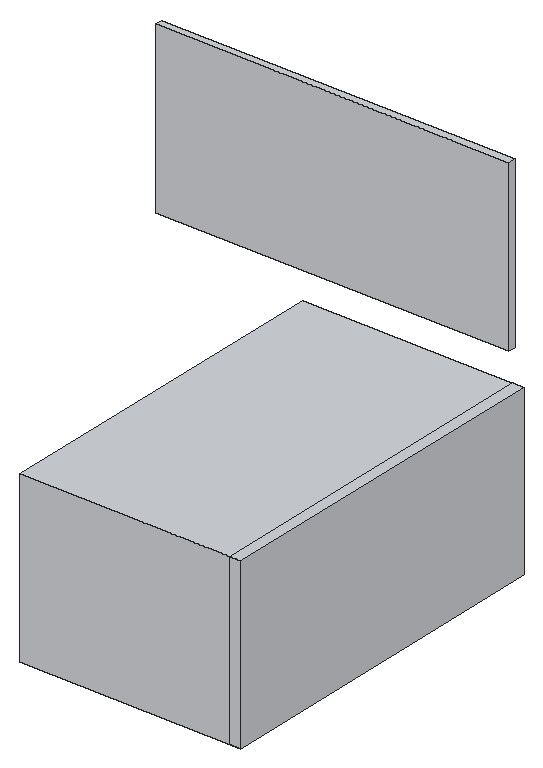
Revit family "EKF355 BIM position 2", category Mechanical Equipment, Revit 2013
Parameters (values of type "EKF355E1")
  Width = "600 mm"
  Weight = "63 kg"
  Warranty period = "Unit 2 years                                    Motor 5 years"
  Sub Type = "Lo-Carbon Kitchen Box Fan"
  Width (including handles) = "684 mm"
  Height (inclusing controller) = "708mm"
  Product Description = "Lo-Carbon Kitchen Box Fan"
  Part Number = "EKF355E1"
  Operating Temperature = "(-20C to +40C)"
  Maximum In-Duct Temperature = "120 Degrees C"
  Motor Rating = "0.29kW Max"
  Manufacturer - Website = "www.vent-axia.com"
  Manufacturer - Name = "Vent-Axia Ltd"
  Manufacturer - Email = "sales@vent-axia.com"
  Manufacturer - Contact Phone = "0844 856 0590"
  Manufacturer - Address = "Fleming Way, Crawley, West Sussex RH10 9YX"
  IP Rating = "IP54"
  Height = "600 mm\r\n220mm"
  Length = "600 mm"
  Family = "In-Line Range"
  Country of Manufacture = "UK"
  Category = "Lo-Carbon Kitchen Box Fan"
  AC Voltage Input = "220-240 V AC (single phase)"
  AC Frequency Input = "50Hz nominal"
Reference planes
  plane 1 "Center (Front/Back)": y = 0
  plane 2: z = 0
  plane 3 "Center (Left/Right)": x = 0
  plane 4: x = -300
  plane 5: x = 300
  plane 6: z = 354
  plane 7: z = -354
Forms (mm)
  Extrusion 1, solid, detail levels coarse+medium
    sketch origin (-547.926, 273.949, 0) x (1, 0, 0) y (0, 1, 0)
      loop
        line (179.08, 91.051) -> (179.08, -669.889) -> (921.752, -669.889) -> (921.752, 91.051) -> (179.08, 91.051)
    from -411.511 to 400
  Extrusion 2, solid
    sketch origin (-12.344, 2.409, 0) x (1, 0, 0) y (0, 0, 1)
      loop
        line (253.351, 177.246) -> (-226.649, 177.246) -> (-226.649, -52.754) -> (253.351, -52.754) -> (253.351, 177.246)
    from -293.852 to -283.852
  Extrusion 3, solid
    sketch origin (0, 0, 0) x (0, 1, 0) y (0, 0, 1)
      loop
        line (-243.739, -54.254) -> (-243.739, -282.754) -> (236.261, -282.754) -> (236.261, -54.254) -> (-243.739, -54.254)
    from 285.754 to 301.007
  Extrusion 4, solid
    sketch origin (0, 0, 0) x (0, 1, 0) y (0, 0, 1)
      loop
        line (236.261, -54.254) -> (-243.739, -54.254) -> (-243.739, -282.754) -> (236.261, -282.754) -> (236.261, -54.254)
    from 0 to 301.007
Dimensions and locks
  plane 4 to plane 5 = 600 mm
  plane 6 to plane 7 = 708 mm  (x2)
  Extrusion 3 to Extrusion 3 = 480 mm
Connectors
  hvac at (287.107, -3.739, -170.062)
    settings: on import instance, index 1, duct flow 0.0 L/s, flow factor 0, pres drop 0.0 Pa, loss coef 0, conn angle 0.00°, conn width 480 mm, conn height 230 mm, conn radius 304.8 mm, duct sys type 2, conn prof type 1, flow config 0, flow direction 1, loss method 0, conn ref index -1, conn util no, is conn primary yes, conn desc ""
  hvac at (1.007, 296.261, 60.688)
    settings: on import instance, index 2, duct flow 0.0 L/s, flow factor 0, pres drop 0.0 Pa, loss coef 0, conn angle 0.00°, conn width 480 mm, conn height 230 mm, conn radius 304.8 mm, duct sys type 2, conn prof type 1, flow config 0, flow direction 2, loss method 0, conn ref index -1, conn util no, is conn primary no, conn desc ""
